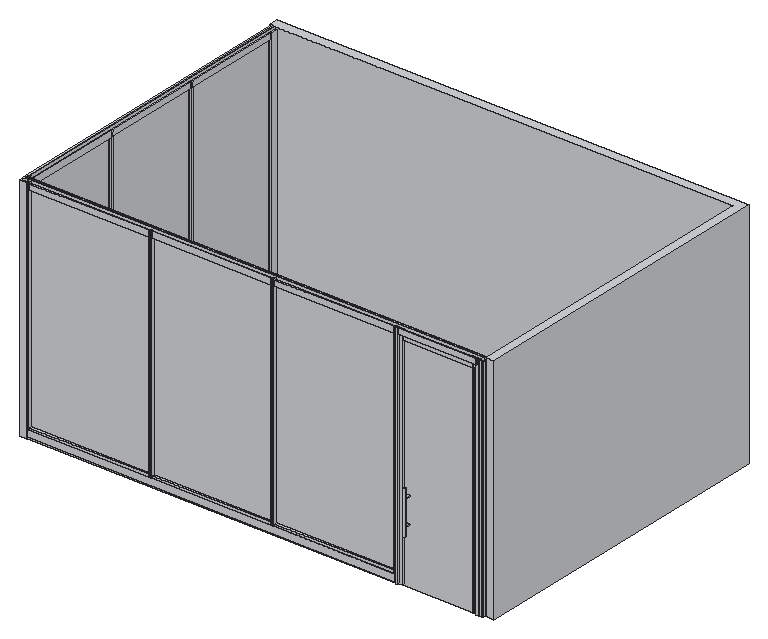
Revit family "APP-127", category Furniture, Revit 2017
Family settings
  OmniClass Number = 23.40.20.00
  OmniClass Title = General Furniture and Specialties
  Work Plane-Based = No
  Always vertical = Yes
  Cut with Voids When Loaded = No
  Shared = No
  Room Calculation Point = No
Reference planes (in)
  plane 1 "Center Front/Back": y = 0
  plane 2: z = 0
  plane 3 "Center Left/Right": x = 0
Dimensions and locks (in)
  aligned and locked: level to plane 2
Nested families (in)
  nested 1: "Beyond" at (0, 0, 0), type "Beyond"
    with Material none, Glass Material none
Definition of nested family "Beyond"
  Parameters (values of type "Beyond")
    Material [instance] = none
    Glass Material [instance] = none
  Reference planes (in)
    plane 1 "Center Front/Back": y = 0
    plane 2: z = 0
    plane 3 "Center Left/Right": x = 0
  Forms (in)
    Extrusion 1, solid, material <- "Material"
      sketch origin (0, 0, 0) x (1, 0, 0) y (0, 1, 0)
        loop
          line (-110, 71.99995) -> (105.99998, 72.00001) -> (105.99999, -72) -> (109.99999, -72) -> (109.99998, 76.00003) -> (-110.00002, 75.99995) -> (-110, 71.99995)
      from 0 to 107.96062
    Extrusion 2, solid, material <- "Material"
      sketch origin (0.63879, 6.46415, 107) x (0, 1, 0) y (0, 0, -1)
        loop
          line (-79.97294, 0) -> (-76.97294, 0) -> (-76.97294, 2.65625) -> (-78.22294, 2.65625) -> (-78.22294, 1.5) -> (-78.72294, 1.5) -> (-78.72294, 2.65625) -> (-79.97294, 2.65625) -> (-79.97294, 0)
      from 50.6835 to 106.28352
    Extrusion 3, solid, material <- "Glass Material"
      sketch origin (132.9273, 3.33937, 0) x (1, 0, 0) y (0, 1, 0)
        loop
          line (-31.8158, -76.16045) -> (-31.8158, -75.78545) -> (-65.05232, -75.78545) -> (-65.05232, -76.16045) -> (-31.8158, -76.16045)
      from 0 to 102.34
    Extrusion 4, solid, material <- "Material"
      sketch origin (132.9273, 3.52687, -5.2809) x (1, 0, 0) y (0, 1, 0)
        loop
          circle (-62.43517, -73.40354) r 0.5
      from 27.575 to 47.3749
    Extrusion 5, solid, material <- "Material"
      sketch origin (132.9273, 3.52687, -5.2809) x (1, 0, 0) y (0, 0, 1)
        loop
          circle (-62.43517, 43.406) r 0.5
        loop
          circle (-62.43517, 31.53881) r 0.5
      from 73.40354 to 75.78545
    Extrusion 6, solid, material <- "Material"
      sketch origin (132.9273, -148.41902, -5.2809) x (1, 0, 0) y (0, 1, 0)
        loop
          circle (-62.43517, 73.40354) r 0.5
      from 27.575 to 47.3749
    Extrusion 7, solid, material <- "Material"
      sketch origin (132.9273, -148.41902, -5.2809) x (1, 0, 0) y (0, 0, -1)
        loop
          circle (-62.43517, -43.406) r 0.5
        loop
          circle (-62.43517, -31.53881) r 0.5
      from 73.40354 to 75.78545
    Extrusion 8, solid, material <- "Material"
      sketch origin (0, 0, 0) x (1, 0, 0) y (0, 1, 0)
        loop
          line (-109.72851, -73.50879) -> (-106.71093, -73.50879) -> (-106.71093, -73.00879) -> (-106.77343, -73.00879) -> (-106.77343, -72.94629) -> (-106.71093, -72.94629) -> (-106.71093, -72.51) -> (-106.52852, -72.51151) -> (-106.52852, -72.84372) -> (-106.46972, -72.84372) -> (-106.46972, -72.40911) -> (-106.81093, -72.40911) -> (-106.81093, -72.9) -> (-107.01593, -72.9) -> (-107.01593, -71.10001) -> (-106.81093, -71.10001) -> (-106.81093, -71.5909) -> (-106.46972, -71.5909) -> (-106.46972, -71.15629) -> (-106.52852, -71.15629) -> (-106.52852, -71.4885) -> (-106.71093, -71.49001) -> (-106.71093, -71.05371) -> (-106.77343, -71.05371) -> (-106.77343, -70.99122) -> (-106.71093, -70.99122) -> (-106.71093, -70.49121) -> (-107.21093, -70.49121) -> (-107.21093, -70.55371) -> (-107.27343, -70.55371) -> (-107.27343, -70.49121) -> (-107.70972, -70.49121) -> (-107.70821, -70.3088) -> (-107.376, -70.3088) -> (-107.376, -70.25001) -> (-107.81061, -70.25001) -> (-107.81061, -70.59121) -> (-107.31972, -70.59121) -> (-107.31972, -70.79621) -> (-109.11971, -70.79621) -> (-109.11971, -70.59121) -> (-108.62882, -70.59121) -> (-108.62882, -70.25001) -> (-109.06343, -70.25001) -> (-109.06343, -70.30881) -> (-108.73122, -70.30881) -> (-108.72971, -70.49121) -> (-109.16601, -70.49121) -> (-109.16601, -70.55371) -> (-109.2285, -70.55371) -> (-109.2285, -70.49121) -> (-109.72851, -70.49121) -> (-109.72851, -73.50879)
      from 0 to 107
    Extrusion 9, solid, material <- "Material"
      sketch origin (0, 0, 0) x (1, 0, 0) y (0, 1, 0)
        loop
          line (-106.46972, -71.59129) -> (-106.21972, -71.59129) -> (-106.21972, -72.40873) -> (-106.46972, -72.40873) -> (-106.46972, -72.84373) -> (-106.40213, -72.84373) -> (-106.40213, -72.51279) -> (-106.21972, -72.51001) -> (-106.21972, -72.93751) -> (-106.15722, -72.93751) -> (-106.15722, -73.00001) -> (-106.21972, -73.00001) -> (-106.21972, -73.50001) -> (-105.64472, -73.50001) -> (-105.64472, -72.30501) -> (-105.74472, -72.30501) -> (-105.74472, -72.39001) -> (-106.11972, -72.39001) -> (-106.11972, -71.61001) -> (-105.74472, -71.61001) -> (-105.74472, -71.69501) -> (-105.64472, -71.69501) -> (-105.64472, -70.50001) -> (-106.21972, -70.50001) -> (-106.21972, -71.00001) -> (-106.15722, -71.00001) -> (-106.15722, -71.06251) -> (-106.21972, -71.06251) -> (-106.21972, -71.49001) -> (-106.40213, -71.48723) -> (-106.40213, -71.15629) -> (-106.46972, -71.15629) -> (-106.46972, -71.59129)
      from 4.0625 to 107
    Extrusion 10, solid, material <- "Material"
      sketch origin (-180.21972, 36.21972, 0) x (0, 1, 0) y (-1, 0, 0)
        loop
          line (-106.46972, -71.59129) -> (-106.21972, -71.59129) -> (-106.21972, -72.40873) -> (-106.46972, -72.40873) -> (-106.46972, -72.84373) -> (-106.40213, -72.84373) -> (-106.40213, -72.51279) -> (-106.21972, -72.51001) -> (-106.21972, -72.93751) -> (-106.15722, -72.93751) -> (-106.15722, -73.00001) -> (-106.21972, -73.00001) -> (-106.21972, -73.50001) -> (-105.64472, -73.50001) -> (-105.64472, -72.30501) -> (-105.74472, -72.30501) -> (-105.74472, -72.39001) -> (-106.11972, -72.39001) -> (-106.11972, -71.61001) -> (-105.74472, -71.61001) -> (-105.74472, -71.69501) -> (-105.64472, -71.69501) -> (-105.64472, -70.50001) -> (-106.21972, -70.50001) -> (-106.21972, -71.00001) -> (-106.15722, -71.00001) -> (-106.15722, -71.06251) -> (-106.21972, -71.06251) -> (-106.21972, -71.49001) -> (-106.40213, -71.48723) -> (-106.40213, -71.15629) -> (-106.46972, -71.15629) -> (-106.46972, -71.59129)
      from 4.0625 to 107
    Extrusion 11, solid, material <- "Material"
      sketch origin (0, 0, 0) x (1, 0, 0) y (0, 1, 0)
        loop
          line (-109.20972, -70.53064) -> (-109.1715, -70.53064) -> (-109.1715, -70.4395) -> (-108.7469, -70.42467) -> (-108.7469, -70.37032) -> (-109.11472, -70.3764) -> (-109.11472, -70.12405) -> (-108.7469, -70.13014) -> (-108.7469, -70.07578) -> (-109.17149, -70.06095) -> (-109.17149, -69.96936) -> (-109.20972, -69.96936) -> (-109.20972, -70.53064)
        loop
          line (-107.22972, -70.53064) -> (-107.22972, -69.96936) -> (-107.26794, -69.96936) -> (-107.26794, -70.06095) -> (-107.69253, -70.07578) -> (-107.69253, -70.13014) -> (-107.32472, -70.12405) -> (-107.32472, -70.3764) -> (-107.69253, -70.37032) -> (-107.69253, -70.42467) -> (-107.26794, -70.4395) -> (-107.26794, -70.53064) -> (-107.22972, -70.53064)
      from 4.125 to 107
    Extrusion 12, solid, material <- "Material"
      sketch origin (-176.71912, 36.22143, 0) x (0, 1, 0) y (-1, 0, 0)
        loop
          line (-109.20972, -70.53064) -> (-109.1715, -70.53064) -> (-109.1715, -70.4395) -> (-108.7469, -70.42467) -> (-108.7469, -70.37032) -> (-109.11472, -70.3764) -> (-109.11472, -70.12405) -> (-108.7469, -70.13014) -> (-108.7469, -70.07578) -> (-109.17149, -70.06095) -> (-109.17149, -69.96936) -> (-109.20972, -69.96936) -> (-109.20972, -70.53064)
        loop
          line (-107.22972, -70.53064) -> (-107.22972, -69.96936) -> (-107.26794, -69.96936) -> (-107.26794, -70.06095) -> (-107.69253, -70.07578) -> (-107.69253, -70.13014) -> (-107.32472, -70.12405) -> (-107.32472, -70.3764) -> (-107.69253, -70.37032) -> (-107.69253, -70.42467) -> (-107.26794, -70.4395) -> (-107.26794, -70.53064) -> (-107.22972, -70.53064)
      from 4.125 to 107
    Extrusion 13, solid, material <- "Material"
      sketch origin (0, 0, 0) x (1, 0, 0) y (0, 1, 0)
        loop
          line (-106.71972, -72.75) -> (-106.71972, -72) -> (-108.21972, -72) -> (-108.21972, -70.5) -> (-108.96972, -70.5) -> (-108.96972, -72.75) -> (-106.71972, -72.75)
      from 107 to 107.99043
    Extrusion 14, solid, material <- "Material"
      sketch origin (0, -144, 0) x (1, 0, 0) y (0, 1, 0)
        loop
          line (-108.21972, 73.5) -> (-108.21972, 72) -> (-106.71972, 72) -> (-106.71972, 72.75) -> (-107.46972, 72.75) -> (-107.46972, 73.5) -> (-108.21972, 73.5)
      from 107 to 107.99043
    Extrusion 15, solid, material <- "Material"
      sketch origin (-213.43944, 0, 0) x (-1, 0, 0) y (0, -1, 0)
        loop
          line (-106.71972, 72.75) -> (-319.43942, 72.75001) -> (-319.43942, 72.00001) -> (-106.71972, 72) -> (-106.71972, 72.75)
      from 107 to 107.99043
    Extrusion 16, solid, material <- "Material"
      sketch origin (-213.43943, -144.00001, 0) x (-1, 0, 0) y (0, -1, 0)
        loop
          line (-106.71972, -72.75) -> (-106.71972, -72) -> (-319.43942, -72.00001) -> (-319.43942, -72.75001) -> (-106.71972, -72.75)
      from 107 to 107.99043
    Extrusion 17, solid, material <- "Material"
      sketch origin (-155.68944, 0, 0) x (-1, 0, 0) y (0, -1, 0)
        loop
          line (-106.46972, 71.59129) -> (-106.46972, 71.15629) -> (-106.40213, 71.15629) -> (-106.40213, 71.48723) -> (-106.21972, 71.49001) -> (-106.21972, 71.06251) -> (-106.15722, 71.06251) -> (-106.15722, 71.00001) -> (-106.21972, 71.00001) -> (-106.21972, 70.50001) -> (-105.64472, 70.50001) -> (-105.64472, 71.69501) -> (-105.74472, 71.69501) -> (-105.74472, 71.61001) -> (-106.11972, 71.61001) -> (-106.11972, 72.39001) -> (-105.74472, 72.39001) -> (-105.74472, 72.30501) -> (-105.64472, 72.30501) -> (-105.64472, 73.50001) -> (-106.21972, 73.50001) -> (-106.21972, 73.00001) -> (-106.15722, 73.00001) -> (-106.15722, 72.93751) -> (-106.21972, 72.93751) -> (-106.21972, 72.51001) -> (-106.40213, 72.51279) -> (-106.40213, 72.84373) -> (-106.46972, 72.84373) -> (-106.46972, 72.40873) -> (-106.21972, 72.40873) -> (-106.21972, 71.59129) -> (-106.46972, 71.59129)
      from 4.0625 to 107
    Extrusion 18, solid, material <- "Material"
      sketch origin (21.02969, 36.22143, 0) x (0, 1, 0) y (-1, 0, 0)
        loop
          line (-109.20972, 70.53064) -> (-109.20972, 69.96936) -> (-109.17149, 69.96936) -> (-109.17149, 70.06095) -> (-108.7469, 70.07578) -> (-108.7469, 70.13014) -> (-109.11472, 70.12405) -> (-109.11472, 70.3764) -> (-108.7469, 70.37032) -> (-108.7469, 70.42467) -> (-109.1715, 70.4395) -> (-109.1715, 70.53064) -> (-109.20972, 70.53064)
        loop
          line (-107.22972, 70.53064) -> (-107.26794, 70.53064) -> (-107.26794, 70.4395) -> (-107.69253, 70.42467) -> (-107.69253, 70.37032) -> (-107.32472, 70.3764) -> (-107.32472, 70.12405) -> (-107.69253, 70.13014) -> (-107.69253, 70.07578) -> (-107.26794, 70.06095) -> (-107.26794, 69.96936) -> (-107.22972, 69.96936) -> (-107.22972, 70.53064)
      from 4.125 to 107
    Extrusion 19, solid, material <- "Material"
      sketch origin (57.25001, 0, 0) x (1, 0, 0) y (0, 1, 0)
        loop
          line (-106.46972, -71.59129) -> (-106.21972, -71.59129) -> (-106.21972, -72.40873) -> (-106.46972, -72.40873) -> (-106.46972, -72.84373) -> (-106.40213, -72.84373) -> (-106.40213, -72.51279) -> (-106.21972, -72.51001) -> (-106.21972, -72.93751) -> (-106.15722, -72.93751) -> (-106.15722, -73.00001) -> (-106.21972, -73.00001) -> (-106.21972, -73.50001) -> (-105.64472, -73.50001) -> (-105.64472, -72.30501) -> (-105.74472, -72.30501) -> (-105.74472, -72.39001) -> (-106.11972, -72.39001) -> (-106.11972, -71.61001) -> (-105.74472, -71.61001) -> (-105.74472, -71.69501) -> (-105.64472, -71.69501) -> (-105.64472, -70.50001) -> (-106.21972, -70.50001) -> (-106.21972, -71.00001) -> (-106.15722, -71.00001) -> (-106.15722, -71.06251) -> (-106.21972, -71.06251) -> (-106.21972, -71.49001) -> (-106.40213, -71.48723) -> (-106.40213, -71.15629) -> (-106.46972, -71.15629) -> (-106.46972, -71.59129)
      from 4.0625 to 107
    Extrusion 20, solid, material <- "Material"
      sketch origin (0, 0, 0) x (0, 1, 0) y (0, 0, 1)
        loop
          line (-73.49997, 0.75) -> (-72.81499, 0.75) -> (-72.81499, 1.625) -> (-72.43999, 1.625) -> (-72.43999, 2) -> (-71.12499, 2) -> (-71.12499, 0.75) -> (-70.50001, 0.75) -> (-70.50001, 4.0625) -> (-73.00001, 4.0625) -> (-73.00001, 4.125) -> (-73.25, 4.125) -> (-73.25, 4.0625) -> (-73.49997, 4.0625) -> (-73.49997, 0.75)
      from -106.46093 to 65
    Extrusion 21, solid, material <- "Material"
      sketch origin (-213.43944, 0, -107.24043) x (-1, 0, 0) y (0, -1, 0)
        loop
          line (-106.97851, 72.99999) -> (-278.43943, 72.99999) -> (-278.43943, 72.00001) -> (-106.97851, 72) -> (-106.97851, 72.99999)
      from 107.23461 to 107.99043
    Extrusion 22, solid, material <- "Material"
      sketch origin (-213.43943, -144.00001, -107.24043) x (-1, 0, 0) y (0, -1, 0)
        loop
          line (-106.97851, -72.99999) -> (-106.97851, -72) -> (-278.43943, -72.00001) -> (-278.43943, -72.99999) -> (-106.97851, -72.99999)
      from 107.23461 to 107.99043
    Extrusion 23, solid, material <- "Glass Material"
      sketch origin (0, 0, 0) x (1, 0, 0) y (0, 1, 0)
        loop
          line (-50.04471, -72.30501) -> (-50.04471, -71.75) -> (-105.63684, -71.75) -> (-105.63684, -72.30501) -> (-50.04471, -72.30501)
      from 4.0625 to 104.34375
    Extrusion 24, solid, material <- "Material"
      sketch origin (-42.09972, 6.46415, 107) x (0, 1, 0) y (0, 0, 1)
        loop
          line (-79.97294, 0) -> (-79.97294, -2.65625) -> (-78.72294, -2.65625) -> (-78.72294, -1.5) -> (-78.22294, -1.5) -> (-78.22294, -2.65625) -> (-76.97294, -2.65625) -> (-76.97294, 0) -> (-79.97294, 0)
      from 50.6835 to 106.28352
    Extrusion 25, solid, material <- "Material"
      sketch origin (114.22851, 0, 0) x (1, 0, 0) y (0, 1, 0)
        loop
          line (-106.46972, -71.59129) -> (-106.21972, -71.59129) -> (-106.21972, -72.40873) -> (-106.46972, -72.40873) -> (-106.46972, -72.84373) -> (-106.40213, -72.84373) -> (-106.40213, -72.51279) -> (-106.21972, -72.51001) -> (-106.21972, -72.93751) -> (-106.15722, -72.93751) -> (-106.15722, -73.00001) -> (-106.21972, -73.00001) -> (-106.21972, -73.50001) -> (-105.64472, -73.50001) -> (-105.64472, -72.30501) -> (-105.74472, -72.30501) -> (-105.74472, -72.39001) -> (-106.11972, -72.39001) -> (-106.11972, -71.61001) -> (-105.74472, -71.61001) -> (-105.74472, -71.69501) -> (-105.64472, -71.69501) -> (-105.64472, -70.50001) -> (-106.21972, -70.50001) -> (-106.21972, -71.00001) -> (-106.15722, -71.00001) -> (-106.15722, -71.06251) -> (-106.21972, -71.06251) -> (-106.21972, -71.49001) -> (-106.40213, -71.48723) -> (-106.40213, -71.15629) -> (-106.46972, -71.15629) -> (-106.46972, -71.59129)
      from 4.0625 to 107
    Extrusion 26, solid, material <- "Material"
      sketch origin (-62.49061, 36.22143, 0) x (0, 1, 0) y (-1, 0, 0)
        loop
          line (-109.20972, -70.53064) -> (-109.1715, -70.53064) -> (-109.1715, -70.4395) -> (-108.7469, -70.42467) -> (-108.7469, -70.37032) -> (-109.11472, -70.3764) -> (-109.11472, -70.12405) -> (-108.7469, -70.13014) -> (-108.7469, -70.07578) -> (-109.17149, -70.06095) -> (-109.17149, -69.96936) -> (-109.20972, -69.96936) -> (-109.20972, -70.53064)
        loop
          line (-107.22972, -70.53064) -> (-107.22972, -69.96936) -> (-107.26794, -69.96936) -> (-107.26794, -70.06095) -> (-107.69253, -70.07578) -> (-107.69253, -70.13014) -> (-107.32472, -70.12405) -> (-107.32472, -70.3764) -> (-107.69253, -70.37032) -> (-107.69253, -70.42467) -> (-107.26794, -70.4395) -> (-107.26794, -70.53064) -> (-107.22972, -70.53064)
      from 4.125 to 107
    Extrusion 27, solid, material <- "Material"
      sketch origin (-98.71094, 0, 0) x (-1, 0, 0) y (0, -1, 0)
        loop
          line (-106.46972, 71.59129) -> (-106.46972, 71.15629) -> (-106.40213, 71.15629) -> (-106.40213, 71.48723) -> (-106.21972, 71.49001) -> (-106.21972, 71.06251) -> (-106.15722, 71.06251) -> (-106.15722, 71.00001) -> (-106.21972, 71.00001) -> (-106.21972, 70.50001) -> (-105.64472, 70.50001) -> (-105.64472, 71.69501) -> (-105.74472, 71.69501) -> (-105.74472, 71.61001) -> (-106.11972, 71.61001) -> (-106.11972, 72.39001) -> (-105.74472, 72.39001) -> (-105.74472, 72.30501) -> (-105.64472, 72.30501) -> (-105.64472, 73.50001) -> (-106.21972, 73.50001) -> (-106.21972, 73.00001) -> (-106.15722, 73.00001) -> (-106.15722, 72.93751) -> (-106.21972, 72.93751) -> (-106.21972, 72.51001) -> (-106.40213, 72.51279) -> (-106.40213, 72.84373) -> (-106.46972, 72.84373) -> (-106.46972, 72.40873) -> (-106.21972, 72.40873) -> (-106.21972, 71.59129) -> (-106.46972, 71.59129)
      from 4.0625 to 107
    Extrusion 28, solid, material <- "Glass Material"
      sketch origin (-41.46093, 0, 0) x (-1, 0, 0) y (0, -1, 0)
        loop
          line (-50.04471, 72.30501) -> (-105.63684, 72.30501) -> (-105.63684, 71.75) -> (-50.04471, 71.75) -> (-50.04471, 72.30501)
      from 4.0625 to 104.34375
    Extrusion 29, solid, material <- "Material"
      sketch origin (57.6185, 6.46415, 107) x (0, 1, 0) y (0, 0, -1)
        loop
          line (-79.97294, 0) -> (-76.97294, 0) -> (-76.97294, 2.65625) -> (-78.22294, 2.65625) -> (-78.22294, 1.5) -> (-78.72294, 1.5) -> (-78.72294, 2.65625) -> (-79.97294, 2.65625) -> (-79.97294, 0)
      from 50.6835 to 106.28352
    Extrusion 30, solid, material <- "Glass Material"
      sketch origin (56.97971, 0, 0) x (1, 0, 0) y (0, 1, 0)
        loop
          line (-50.04471, -72.30501) -> (-50.04471, -71.75) -> (-105.63684, -71.75) -> (-105.63684, -72.30501) -> (-50.04471, -72.30501)
      from 4.0625 to 104.34375
    Extrusion 31, solid, material <- "Material"
      sketch origin (-41.46972, 0, 0) x (-1, 0, 0) y (0, -1, 0)
        loop
          line (-106.46972, 71.59129) -> (-106.46972, 71.15629) -> (-106.40213, 71.15629) -> (-106.40213, 71.48723) -> (-106.21972, 71.49001) -> (-106.21972, 71.06251) -> (-106.15722, 71.06251) -> (-106.15722, 71.00001) -> (-106.21972, 71.00001) -> (-106.21972, 70.50001) -> (-105.64472, 70.50001) -> (-105.64472, 71.69501) -> (-105.74472, 71.69501) -> (-105.74472, 71.61001) -> (-106.11972, 71.61001) -> (-106.11972, 72.39001) -> (-105.74472, 72.39001) -> (-105.74472, 72.30501) -> (-105.64472, 72.30501) -> (-105.64472, 73.50001) -> (-106.21972, 73.50001) -> (-106.21972, 73.00001) -> (-106.15722, 73.00001) -> (-106.15722, 72.93751) -> (-106.21972, 72.93751) -> (-106.21972, 72.51001) -> (-106.40213, 72.51279) -> (-106.40213, 72.84373) -> (-106.46972, 72.84373) -> (-106.46972, 72.40873) -> (-106.21972, 72.40873) -> (-106.21972, 71.59129) -> (-106.46972, 71.59129)
      from 4.0625 to 107
    Extrusion 32, solid, material <- "Material"
      sketch origin (135.2494, 36.22143, 0) x (0, 1, 0) y (-1, 0, 0)
        loop
          line (-109.20972, 70.53064) -> (-109.20972, 69.96936) -> (-109.17149, 69.96936) -> (-109.17149, 70.06095) -> (-108.7469, 70.07578) -> (-108.7469, 70.13014) -> (-109.11472, 70.12405) -> (-109.11472, 70.3764) -> (-108.7469, 70.37032) -> (-108.7469, 70.42467) -> (-109.1715, 70.4395) -> (-109.1715, 70.53064) -> (-109.20972, 70.53064)
        loop
          line (-107.22972, 70.53064) -> (-107.26794, 70.53064) -> (-107.26794, 70.4395) -> (-107.69253, 70.42467) -> (-107.69253, 70.37032) -> (-107.32472, 70.3764) -> (-107.32472, 70.12405) -> (-107.69253, 70.13014) -> (-107.69253, 70.07578) -> (-107.26794, 70.06095) -> (-107.26794, 69.96936) -> (-107.22972, 69.96936) -> (-107.22972, 70.53064)
      from 0 to 107
    Extrusion 33, solid, material <- "Material"
      sketch origin (171.46972, 0, 0) x (1, 0, 0) y (0, 1, 0)
        loop
          line (-106.46972, -71.59129) -> (-106.21972, -71.59129) -> (-106.21972, -72.40873) -> (-106.46972, -72.40873) -> (-106.46972, -72.84373) -> (-106.40213, -72.84373) -> (-106.40213, -72.51279) -> (-106.21972, -72.51001) -> (-106.21972, -72.93751) -> (-106.15722, -72.93751) -> (-106.15722, -73.00001) -> (-106.21972, -73.00001) -> (-106.21972, -73.50001) -> (-105.21973, -73.50001) -> (-105.21973, -72.25) -> (-105.33685, -72.25) -> (-105.33685, -72.30498) -> (-105.44473, -72.30498) -> (-105.44473, -72.39001) -> (-106.11972, -72.39001) -> (-106.11972, -71.61001) -> (-105.44473, -71.61001) -> (-105.44473, -71.69501) -> (-105.33685, -71.69501) -> (-105.33685, -71.75) -> (-105.21973, -71.75) -> (-105.21973, -70.50001) -> (-106.21972, -70.50001) -> (-106.21972, -71.00001) -> (-106.15722, -71.00001) -> (-106.15722, -71.06251) -> (-106.21972, -71.06251) -> (-106.21972, -71.49001) -> (-106.40213, -71.48723) -> (-106.40213, -71.15629) -> (-106.46972, -71.15629) -> (-106.46972, -71.59129)
      from 0 to 107
    Extrusion 34, solid, material <- "Material"
      sketch origin (-38.96978, -0.00005, 0) x (-1, -0.000001, 0) y (0.000001, -1, 0)
        loop
          line (-105.21973, 72.875) -> (-107.22474, 72.87499) -> (-107.22474, 71.12499) -> (-105.21973, 71.125) -> (-105.21973, 72.875)
      from 0 to 107
    Extrusion 35, solid, material <- "Material"
      sketch origin (210.46972, 0, 0) x (1, 0, 0) y (0, 1, 0)
        loop
          line (-106.46972, -71.59129) -> (-106.12596, -71.59129) -> (-106.12598, -71.15626) -> (-105.81346, -71.15626) -> (-105.81346, -72.84501) -> (-106.12596, -72.84501) -> (-106.12596, -72.40873) -> (-106.46972, -72.40873) -> (-106.46972, -72.84373) -> (-106.40213, -72.84373) -> (-106.40213, -72.51279) -> (-106.21972, -72.51001) -> (-106.21972, -72.93751) -> (-106.15722, -72.93751) -> (-106.15722, -73.00001) -> (-106.21972, -73.00001) -> (-106.21972, -73.50001) -> (-105.18848, -73.50001) -> (-105.18848, -72.17313) -> (-104.53246, -72.17313) -> (-104.53246, -73.11063) -> (-104.84497, -73.11063) -> (-104.84497, -73.17313) -> (-104.46997, -73.17313) -> (-104.46997, -72.11063) -> (-105.18848, -72.11063) -> (-105.18848, -71.89063) -> (-104.46973, -71.89063) -> (-104.46973, -70.82813) -> (-104.84497, -70.82813) -> (-104.84497, -70.89063) -> (-104.53246, -70.89063) -> (-104.53246, -71.82813) -> (-105.18848, -71.82813) -> (-105.18848, -70.50001) -> (-106.21972, -70.50001) -> (-106.21972, -71.00001) -> (-106.15722, -71.00001) -> (-106.15722, -71.06251) -> (-106.21972, -71.06251) -> (-106.21972, -71.49001) -> (-106.40213, -71.48723) -> (-106.40213, -71.15629) -> (-106.46972, -71.15629) -> (-106.46972, -71.59129)
      from 0 to 107
    Extrusion 36, solid, material <- "Material"
      sketch origin (33.7506, 36.22143, 0) x (0, 1, 0) y (-1, 0, 0)
        loop
          line (-109.20972, -70.53064) -> (-109.1715, -70.53064) -> (-109.1715, -70.4395) -> (-108.7469, -70.42467) -> (-108.7469, -70.37032) -> (-109.11472, -70.3764) -> (-109.11472, -70.12405) -> (-108.7469, -70.13014) -> (-108.7469, -70.07578) -> (-109.17149, -70.06095) -> (-109.17149, -69.96936) -> (-109.20972, -69.96936) -> (-109.20972, -70.53064)
        loop
          line (-107.22972, -70.53064) -> (-107.22972, -69.96936) -> (-107.26794, -69.96936) -> (-107.26794, -70.06095) -> (-107.69253, -70.07578) -> (-107.69253, -70.13014) -> (-107.32472, -70.12405) -> (-107.32472, -70.3764) -> (-107.69253, -70.37032) -> (-107.69253, -70.42467) -> (-107.26794, -70.4395) -> (-107.26794, -70.53064) -> (-107.22972, -70.53064)
      from 0 to 107
    Extrusion 37, solid, material <- "Material"
      sketch origin (-2.46972, 0, 0) x (-1, 0, 0) y (0, -1, 0)
        loop
          line (-106.46972, 71.59129) -> (-106.46972, 71.15629) -> (-106.40213, 71.15629) -> (-106.40213, 71.48723) -> (-106.21972, 71.49001) -> (-106.21972, 71.06251) -> (-106.15722, 71.06251) -> (-106.15722, 71.00001) -> (-106.21972, 71.00001) -> (-106.21972, 70.50001) -> (-105.21973, 70.50001) -> (-105.21973, 71.75) -> (-105.33685, 71.75) -> (-105.33685, 71.69501) -> (-105.44473, 71.69501) -> (-105.44473, 71.61001) -> (-106.11972, 71.61001) -> (-106.11972, 72.39001) -> (-105.44473, 72.39001) -> (-105.44473, 72.30498) -> (-105.33685, 72.30498) -> (-105.33685, 72.25) -> (-105.21973, 72.25) -> (-105.21973, 73.50001) -> (-106.21972, 73.50001) -> (-106.21972, 73.00001) -> (-106.15722, 73.00001) -> (-106.15722, 72.93751) -> (-106.21972, 72.93751) -> (-106.21972, 72.51001) -> (-106.40213, 72.51279) -> (-106.40213, 72.84373) -> (-106.46972, 72.84373) -> (-106.46972, 72.40873) -> (-106.21972, 72.40873) -> (-106.21972, 71.59129) -> (-106.46972, 71.59129)
      from 0 to 107
    Extrusion 38, solid, material <- "Material"
      sketch origin (207.96978, -0.00005, 0) x (1, -0.000001, 0) y (0.000001, 1, 0)
        loop
          line (-105.21973, -72.875) -> (-105.21973, -71.125) -> (-107.22474, -71.12499) -> (-107.22474, -72.87499) -> (-105.21973, -72.875)
      from 0 to 107
    Extrusion 39, solid
      sketch origin (0, 0, 0) x (0, 1, 0) y (0, 0, 1)
        loop
          line (-73.50001, 104.34) -> (-72.25879, 104.34) -> (-72.25879, 105.5) -> (-71.75879, 105.5) -> (-71.75879, 104.34) -> (-70.50879, 104.34) -> (-70.50879, 107) -> (-73.50001, 107) -> (-73.50001, 104.34)
      from 102.87499 to 66.125
    Extrusion 40, solid
      sketch origin (0, 0, 0) x (0, 1, 0) y (0, 0, 1)
        loop
          line (-72.88379, 104.34375) -> (-72.88379, 102.33999) -> (-71.12499, 102.33999) -> (-71.12499, 104.34375) -> (-72.88379, 104.34375)
      from 100.75 to 68.255
    Extrusion 41, solid
      sketch origin (0, 0, 0) x (0, 1, 0) y (0, 0, 1)
        loop
          line (-73.50879, 5.125) -> (-73.50879, 4.125) -> (-70.4912, 4.125) -> (-70.4912, 5.125) -> (-71.75, 5.125) -> (-71.75, 4.6875) -> (-72.25, 4.6875) -> (-72.25, 5.125) -> (-73.50879, 5.125)
      from -105.64472 to -50.04471
    Extrusion 42, solid
      sketch origin (-96.7894, 0.00001, 0) x (0, 1, 0) y (0, 0, -1)
        loop
          line (-73.50879, -5.125) -> (-72.25, -5.125) -> (-72.25, -4.6875) -> (-71.75, -4.6875) -> (-71.75, -5.125) -> (-70.4912, -5.125) -> (-70.4912, -4.125) -> (-73.50879, -4.125) -> (-73.50879, -5.125)
      from -103.73684 to -48.39471
    Extrusion 43, solid
      sketch origin (113.957, -0.00002, 0) x (0, 1, 0) y (0, 0, 1)
        loop
          line (-73.50879, 5.125) -> (-73.50879, 4.125) -> (-70.4912, 4.125) -> (-70.4912, 5.125) -> (-71.75, 5.125) -> (-71.75, 4.6875) -> (-72.25, 4.6875) -> (-72.25, 5.125) -> (-73.50879, 5.125)
      from -105.34384 to -49.78108
    Extrusion 44, solid, material <- "Material"
      sketch origin (-186.68384, 36.84971, 107) x (-1, 0, 0) y (0, 0, -1)
        loop
          line (-79.97294, 0) -> (-76.97294, 0) -> (-76.97294, 2.65625) -> (-78.22294, 2.65625) -> (-78.22294, 1.5) -> (-78.72294, 1.5) -> (-78.72294, 2.65625) -> (-79.97294, 2.65625) -> (-79.97294, 0)
      from 61.68258 to 106.28352
    Extrusion 45, solid, material <- "Material"
      sketch origin (-180.21969, 36.21092, 0) x (0, 1, 0) y (-1, 0, 0)
        loop
          line (-106.46972, -71.59129) -> (-106.21972, -71.59129) -> (-106.21972, -72.40873) -> (-106.46972, -72.40873) -> (-106.46972, -72.84373) -> (-106.40213, -72.84373) -> (-106.40213, -72.51279) -> (-106.21972, -72.51001) -> (-106.21972, -72.93751) -> (-106.15722, -72.93751) -> (-106.15722, -73.00001) -> (-106.21972, -73.00001) -> (-106.21972, -73.50001) -> (-105.64472, -73.50001) -> (-105.64472, -72.30501) -> (-105.74472, -72.30501) -> (-105.74472, -72.39001) -> (-106.11972, -72.39001) -> (-106.11972, -71.61001) -> (-105.74472, -71.61001) -> (-105.74472, -71.69501) -> (-105.64472, -71.69501) -> (-105.64472, -70.50001) -> (-106.21972, -70.50001) -> (-106.21972, -71.00001) -> (-106.15722, -71.00001) -> (-106.15722, -71.06251) -> (-106.21972, -71.06251) -> (-106.21972, -71.49001) -> (-106.40213, -71.48723) -> (-106.40213, -71.15629) -> (-106.46972, -71.15629) -> (-106.46972, -71.59129)
      from 4.0625 to 107
    Extrusion 46, solid, material <- "Material"
      sketch origin (-216.44111, -140.5082, 0) x (-1, 0, 0) y (0, -1, 0)
        loop
          line (-109.20972, -70.53064) -> (-109.1715, -70.53064) -> (-109.1715, -70.4395) -> (-108.7469, -70.42467) -> (-108.7469, -70.37032) -> (-109.11472, -70.3764) -> (-109.11472, -70.12405) -> (-108.7469, -70.13014) -> (-108.7469, -70.07578) -> (-109.17149, -70.06095) -> (-109.17149, -69.96936) -> (-109.20972, -69.96936) -> (-109.20972, -70.53064)
        loop
          line (-107.22972, -70.53064) -> (-107.22972, -69.96936) -> (-107.26794, -69.96936) -> (-107.26794, -70.06095) -> (-107.69253, -70.07578) -> (-107.69253, -70.13014) -> (-107.32472, -70.12405) -> (-107.32472, -70.3764) -> (-107.69253, -70.37032) -> (-107.69253, -70.42467) -> (-107.26794, -70.4395) -> (-107.26794, -70.53064) -> (-107.22972, -70.53064)
      from 4.125 to 107
    Extrusion 47, solid, material <- "Material"
      sketch origin (-180.21968, -177.22851, 0) x (0, -1, 0) y (1, 0, 0)
        loop
          line (-106.71972, 72.75) -> (-249.22847, 72.75001) -> (-249.22847, 72.00001) -> (-106.71972, 72) -> (-106.71972, 72.75)
      from 107 to 107.99043
    Extrusion 48, solid, material <- "Material"
      sketch origin (-36.21968, -177.22851, 0) x (0, -1, 0) y (1, 0, 0)
        loop
          line (-106.71972, -72.75) -> (-106.71972, -72) -> (-249.22847, -72.00001) -> (-249.22847, -72.75001) -> (-106.71972, -72.75)
      from 107 to 107.99043
    Extrusion 49, solid, material <- "Material"
      sketch origin (-180.21969, -130.47759, 0) x (0, -1, 0) y (1, 0, 0)
        loop
          line (-106.46972, 71.59129) -> (-106.46972, 71.15629) -> (-106.40213, 71.15629) -> (-106.40213, 71.48723) -> (-106.21972, 71.49001) -> (-106.21972, 71.06251) -> (-106.15722, 71.06251) -> (-106.15722, 71.00001) -> (-106.21972, 71.00001) -> (-106.21972, 70.50001) -> (-105.64472, 70.50001) -> (-105.64472, 71.69501) -> (-105.74472, 71.69501) -> (-105.74472, 71.61001) -> (-106.11972, 71.61001) -> (-106.11972, 72.39001) -> (-105.74472, 72.39001) -> (-105.74472, 72.30501) -> (-105.64472, 72.30501) -> (-105.64472, 73.50001) -> (-106.21972, 73.50001) -> (-106.21972, 73.00001) -> (-106.15722, 73.00001) -> (-106.15722, 72.93751) -> (-106.21972, 72.93751) -> (-106.21972, 72.51001) -> (-106.40213, 72.51279) -> (-106.40213, 72.84373) -> (-106.46972, 72.84373) -> (-106.46972, 72.40873) -> (-106.21972, 72.40873) -> (-106.21972, 71.59129) -> (-106.46972, 71.59129)
      from 4.0625 to 107
    Extrusion 50, solid, material <- "Material"
      sketch origin (-216.44111, 46.24153, 0) x (-1, 0, 0) y (0, -1, 0)
        loop
          line (-109.20972, 70.53064) -> (-109.20972, 69.96936) -> (-109.17149, 69.96936) -> (-109.17149, 70.06095) -> (-108.7469, 70.07578) -> (-108.7469, 70.13014) -> (-109.11472, 70.12405) -> (-109.11472, 70.3764) -> (-108.7469, 70.37032) -> (-108.7469, 70.42467) -> (-109.1715, 70.4395) -> (-109.1715, 70.53064) -> (-109.20972, 70.53064)
        loop
          line (-107.22972, 70.53064) -> (-107.26794, 70.53064) -> (-107.26794, 70.4395) -> (-107.69253, 70.42467) -> (-107.69253, 70.37032) -> (-107.32472, 70.3764) -> (-107.32472, 70.12405) -> (-107.69253, 70.13014) -> (-107.69253, 70.07578) -> (-107.26794, 70.06095) -> (-107.26794, 69.96936) -> (-107.22972, 69.96936) -> (-107.22972, 70.53064)
      from 4.125 to 107
    Extrusion 51, solid, material <- "Material"
      sketch origin (-180.21969, 82.46185, 0) x (0, 1, 0) y (-1, 0, 0)
        loop
          line (-106.46972, -71.59129) -> (-106.21972, -71.59129) -> (-106.21972, -72.40873) -> (-106.46972, -72.40873) -> (-106.46972, -72.84373) -> (-106.40213, -72.84373) -> (-106.40213, -72.51279) -> (-106.21972, -72.51001) -> (-106.21972, -72.93751) -> (-106.15722, -72.93751) -> (-106.15722, -73.00001) -> (-106.21972, -73.00001) -> (-106.21972, -73.50001) -> (-105.64472, -73.50001) -> (-105.64472, -72.30501) -> (-105.74472, -72.30501) -> (-105.74472, -72.39001) -> (-106.11972, -72.39001) -> (-106.11972, -71.61001) -> (-105.74472, -71.61001) -> (-105.74472, -71.69501) -> (-105.64472, -71.69501) -> (-105.64472, -70.50001) -> (-106.21972, -70.50001) -> (-106.21972, -71.00001) -> (-106.15722, -71.00001) -> (-106.15722, -71.06251) -> (-106.21972, -71.06251) -> (-106.21972, -71.49001) -> (-106.40213, -71.48723) -> (-106.40213, -71.15629) -> (-106.46972, -71.15629) -> (-106.46972, -71.59129)
      from 4.0625 to 107
    Extrusion 52, solid, material <- "Material"
      sketch origin (-180.21969, 36.21092, 0) x (-1, 0, 0) y (0, 0, 1)
        loop
          line (-73.49997, 0.75) -> (-72.81499, 0.75) -> (-72.81499, 1.625) -> (-72.43999, 1.625) -> (-72.43999, 2) -> (-71.12499, 2) -> (-71.12499, 0.75) -> (-70.50001, 0.75) -> (-70.50001, 4.0625) -> (-73.00001, 4.0625) -> (-73.00001, 4.125) -> (-73.25, 4.125) -> (-73.25, 4.0625) -> (-73.49997, 4.0625) -> (-73.49997, 0.75)
      from -106.46093 to 35.78903
    Extrusion 53, solid, material <- "Material"
      sketch origin (-180.21968, -177.22851, -107.24043) x (0, -1, 0) y (1, 0, 0)
        loop
          line (-106.97851, 72.99999) -> (-249.22847, 72.99999) -> (-249.22847, 72.00001) -> (-106.97851, 72) -> (-106.97851, 72.99999)
      from 107.23461 to 107.99043
    Extrusion 54, solid, material <- "Material"
      sketch origin (-36.21968, -177.22851, -107.24043) x (0, -1, 0) y (1, 0, 0)
        loop
          line (-106.97851, -72.99999) -> (-106.97851, -72) -> (-249.22847, -72.00001) -> (-249.22847, -72.99999) -> (-106.97851, -72.99999)
      from 107.23461 to 107.99043
    Extrusion 55, solid, material <- "Glass Material"
      sketch origin (-180.21969, 36.21092, 0) x (0, 1, 0) y (-1, 0, 0)
        loop
          line (-61.0438, -72.30501) -> (-61.0438, -71.75) -> (-105.63684, -71.75) -> (-105.63684, -72.30501) -> (-61.0438, -72.30501)
      from 4.0625 to 104.34375
    Extrusion 56, solid, material <- "Material"
      sketch origin (-186.68384, 93.82942, 107) x (-1, 0, 0) y (0, 0, -1)
        loop
          line (-79.97294, 0) -> (-76.97294, 0) -> (-76.97294, 2.65625) -> (-78.22294, 2.65625) -> (-78.22294, 1.5) -> (-78.72294, 1.5) -> (-78.72294, 2.65625) -> (-79.97294, 2.65625) -> (-79.97294, 0)
      from 72.15442 to 117.01229
    Extrusion 57, solid, material <- "Glass Material"
      sketch origin (-180.21969, 93.19063, 0) x (0, 1, 0) y (-1, 0, 0)
        loop
          line (-71.51563, -72.30501) -> (-71.51563, -71.75) -> (-116.3735, -71.75) -> (-116.3735, -72.30501) -> (-71.51563, -72.30501)
      from 4.0625 to 104.34375
    Extrusion 58, solid
      sketch origin (-180.21969, 36.21092, 0) x (-1, 0, 0) y (0, 0, 1)
        loop
          line (-73.50879, 5.125) -> (-73.50879, 4.125) -> (-70.4912, 4.125) -> (-70.4912, 5.125) -> (-71.75, 5.125) -> (-71.75, 4.6875) -> (-72.25, 4.6875) -> (-72.25, 5.125) -> (-73.50879, 5.125)
      from -105.64472 to -61.04379
    Extrusion 59, solid
      sketch origin (-180.2197, -60.57848, 0) x (-1, 0, 0) y (0, 0, -1)
        loop
          line (-73.50879, -5.125) -> (-72.25, -5.125) -> (-72.25, -4.6875) -> (-71.75, -4.6875) -> (-71.75, -5.125) -> (-70.4912, -5.125) -> (-70.4912, -4.125) -> (-73.50879, -4.125) -> (-73.50879, -5.125)
      from -82.2535 to -37.39563
    Extrusion 60, solid, material <- "Material"
      sketch origin (-180.21969, -83.96973, 0) x (0, -1, 0) y (1, 0, 0)
        loop
          line (-106.46972, 71.59129) -> (-106.46972, 71.15629) -> (-106.40213, 71.15629) -> (-106.40213, 71.48723) -> (-106.21972, 71.49001) -> (-106.21972, 71.06251) -> (-106.15722, 71.06251) -> (-106.15722, 71.00001) -> (-106.21972, 71.00001) -> (-106.21972, 70.50001) -> (-105.64472, 70.50001) -> (-105.64472, 71.69501) -> (-105.74472, 71.69501) -> (-105.74472, 71.61001) -> (-106.11972, 71.61001) -> (-106.11972, 72.39001) -> (-105.74472, 72.39001) -> (-105.74472, 72.30501) -> (-105.64472, 72.30501) -> (-105.64472, 73.50001) -> (-106.21972, 73.50001) -> (-106.21972, 73.00001) -> (-106.15722, 73.00001) -> (-106.15722, 72.93751) -> (-106.21972, 72.93751) -> (-106.21972, 72.51001) -> (-106.40213, 72.51279) -> (-106.40213, 72.84373) -> (-106.46972, 72.84373) -> (-106.46972, 72.40873) -> (-106.21972, 72.40873) -> (-106.21972, 71.59129) -> (-106.46972, 71.59129)
      from 4.0625 to 107
    Extrusion 61, solid, material <- "Material"
      sketch origin (-216.44111, 92.74939, 0) x (-1, 0, 0) y (0, -1, 0)
        loop
          line (-109.20972, 70.53064) -> (-109.20972, 69.96936) -> (-109.17149, 69.96936) -> (-109.17149, 70.06095) -> (-108.7469, 70.07578) -> (-108.7469, 70.13014) -> (-109.11472, 70.12405) -> (-109.11472, 70.3764) -> (-108.7469, 70.37032) -> (-108.7469, 70.42467) -> (-109.1715, 70.4395) -> (-109.1715, 70.53064) -> (-109.20972, 70.53064)
        loop
          line (-107.22972, 70.53064) -> (-107.26794, 70.53064) -> (-107.26794, 70.4395) -> (-107.69253, 70.42467) -> (-107.69253, 70.37032) -> (-107.32472, 70.3764) -> (-107.32472, 70.12405) -> (-107.69253, 70.13014) -> (-107.69253, 70.07578) -> (-107.26794, 70.06095) -> (-107.26794, 69.96936) -> (-107.22972, 69.96936) -> (-107.22972, 70.53064)
      from 4.125 to 107
    Extrusion 62, solid, material <- "Material"
      sketch origin (-180.21969, 128.96972, 0) x (0, 1, 0) y (-1, 0, 0)
        loop
          line (-106.46972, -71.59129) -> (-106.21972, -71.59129) -> (-106.21972, -72.40873) -> (-106.46972, -72.40873) -> (-106.46972, -72.84373) -> (-106.40213, -72.84373) -> (-106.40213, -72.51279) -> (-106.21972, -72.51001) -> (-106.21972, -72.93751) -> (-106.15722, -72.93751) -> (-106.15722, -73.00001) -> (-106.21972, -73.00001) -> (-106.21972, -73.50001) -> (-105.64472, -73.50001) -> (-105.64472, -72.30501) -> (-105.74472, -72.30501) -> (-105.74472, -72.39001) -> (-106.11972, -72.39001) -> (-106.11972, -71.61001) -> (-105.74472, -71.61001) -> (-105.74472, -71.69501) -> (-105.64472, -71.69501) -> (-105.64472, -70.50001) -> (-106.21972, -70.50001) -> (-106.21972, -71.00001) -> (-106.15722, -71.00001) -> (-106.15722, -71.06251) -> (-106.21972, -71.06251) -> (-106.21972, -71.49001) -> (-106.40213, -71.48723) -> (-106.40213, -71.15629) -> (-106.46972, -71.15629) -> (-106.46972, -71.59129)
      from 4.0625 to 107
    Extrusion 63, solid, material <- "Material"
      sketch origin (-186.68384, -48.83063, 107) x (-1, 0, 0) y (0, 0, 1)
        loop
          line (-79.97294, 0) -> (-79.97294, -2.65625) -> (-78.72294, -2.65625) -> (-78.72294, -1.5) -> (-78.22294, -1.5) -> (-78.22294, -2.65625) -> (-76.97294, -2.65625) -> (-76.97294, 0) -> (-79.97294, 0)
      from 72.15442 to 117.01229
    Extrusion 64, solid, material <- "Glass Material"
      sketch origin (-180.21969, -48.19184, 0) x (0, -1, 0) y (1, 0, 0)
        loop
          line (-71.51563, 72.30501) -> (-116.3735, 72.30501) -> (-116.3735, 71.75) -> (-71.51563, 71.75) -> (-71.51563, 72.30501)
      from 4.0625 to 104.34375
    Extrusion 65, solid
      sketch origin (-180.2197, 105.57727, 0) x (-1, 0, 0) y (0, 0, 1)
        loop
          line (-73.50879, 5.125) -> (-73.50879, 4.125) -> (-70.4912, 4.125) -> (-70.4912, 5.125) -> (-71.75, 5.125) -> (-71.75, 4.6875) -> (-72.25, 4.6875) -> (-72.25, 5.125) -> (-73.50879, 5.125)
      from -82.2535 to -37.39563
    Extrusion 66, solid, material <- "Material"
      sketch origin (-180.21969, 175.47517, 0) x (0, 1, 0) y (-1, 0, 0)
        loop
          line (-106.46972, -71.59129) -> (-106.21972, -71.59129) -> (-106.21972, -72.40873) -> (-106.46972, -72.40873) -> (-106.46972, -72.84373) -> (-106.40213, -72.84373) -> (-106.40213, -72.51279) -> (-106.21972, -72.51001) -> (-106.21972, -72.93751) -> (-106.15722, -72.93751) -> (-106.15722, -73.00001) -> (-106.21972, -73.00001) -> (-106.21972, -73.50001) -> (-103.58518, -73.50001) -> (-103.58518, -73.40622) -> (-103.47522, -73.40622) -> (-103.47522, -72.56247) -> (-103.58518, -72.56247) -> (-103.58518, -71.43747) -> (-103.47522, -71.43747) -> (-103.47522, -70.59372) -> (-103.58518, -70.59372) -> (-103.58518, -70.50001) -> (-106.21972, -70.50001) -> (-106.21972, -71.00001) -> (-106.15722, -71.00001) -> (-106.15722, -71.06251) -> (-106.21972, -71.06251) -> (-106.21972, -71.49001) -> (-106.40213, -71.48723) -> (-106.40213, -71.15629) -> (-106.46972, -71.15629) -> (-106.46972, -71.59129)
      from 4.0625 to 107
    Extrusion 67, solid, material <- "Material"
      sketch origin (-216.44111, -1.24395, 0) x (-1, 0, 0) y (0, -1, 0)
        loop
          line (-109.20972, -70.53064) -> (-109.1715, -70.53064) -> (-109.1715, -70.4395) -> (-108.7469, -70.42467) -> (-108.7469, -70.37032) -> (-109.11472, -70.3764) -> (-109.11472, -70.12405) -> (-108.7469, -70.13014) -> (-108.7469, -70.07578) -> (-109.17149, -70.06095) -> (-109.17149, -69.96936) -> (-109.20972, -69.96936) -> (-109.20972, -70.53064)
        loop
          line (-107.22972, -70.53064) -> (-107.22972, -69.96936) -> (-107.26794, -69.96936) -> (-107.26794, -70.06095) -> (-107.69253, -70.07578) -> (-107.69253, -70.13014) -> (-107.32472, -70.12405) -> (-107.32472, -70.3764) -> (-107.69253, -70.37032) -> (-107.69253, -70.42467) -> (-107.26794, -70.4395) -> (-107.26794, -70.53064) -> (-107.22972, -70.53064)
      from 4.125 to 107
    Extrusion 68, solid, material <- "Material"
      sketch origin (-180.21969, -37.46427, 0) x (0, -1, 0) y (1, 0, 0)
        loop
          line (-106.46972, 71.59129) -> (-106.46972, 71.15629) -> (-106.40213, 71.15629) -> (-106.40213, 71.48723) -> (-106.21972, 71.49001) -> (-106.21972, 71.06251) -> (-106.15722, 71.06251) -> (-106.15722, 71.00001) -> (-106.21972, 71.00001) -> (-106.21972, 70.50001) -> (-105.64472, 70.50001) -> (-105.64472, 71.69501) -> (-105.74472, 71.69501) -> (-105.74472, 71.61001) -> (-106.11972, 71.61001) -> (-106.11972, 72.39001) -> (-105.74472, 72.39001) -> (-105.74472, 72.30501) -> (-105.64472, 72.30501) -> (-105.64472, 73.50001) -> (-106.21972, 73.50001) -> (-106.21972, 73.00001) -> (-106.15722, 73.00001) -> (-106.15722, 72.93751) -> (-106.21972, 72.93751) -> (-106.21972, 72.51001) -> (-106.40213, 72.51279) -> (-106.40213, 72.84373) -> (-106.46972, 72.84373) -> (-106.46972, 72.40873) -> (-106.21972, 72.40873) -> (-106.21972, 71.59129) -> (-106.46972, 71.59129)
      from 4.0625 to 107
  Dimensions and locks (in)
    aligned and locked: level to plane 2
